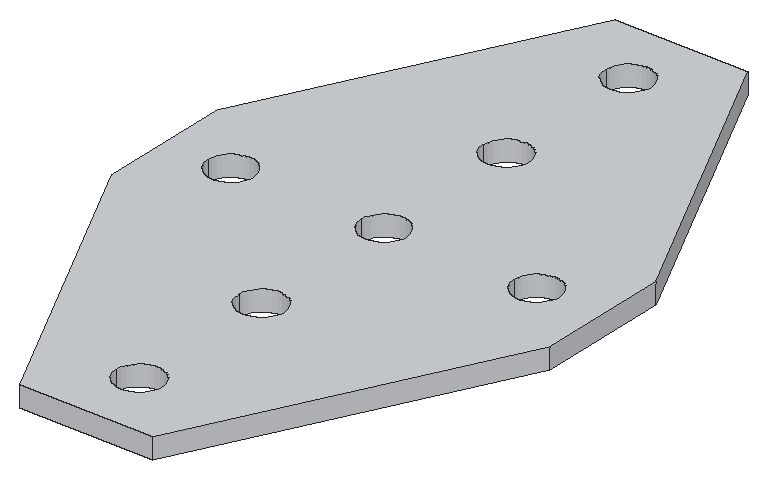
Revit family "Fitting-Flat_Plate-Unistrut-P1950", category Specialty Equipment, Revit 2012
Parameters (values of type "P1950")
  ecoScorecard_data = "http://products.ecoscorecard.com/atkore/P1950"
  ecoScorecard Product Page = "http://products.ecoscorecard.com/atkore/P1950?action=html"
  Weight Per Piece = 2.40 lbf
  Unit = none
  Unistrut Part Number = "P1950"  # constant formula
  URL = "http://unistrut.us/index.php"
  Thickness = 0' - 0 1/4"  # constant formula
  Subcategory = "Flat Plate Fittings"  # constant formula
  Product Page URL = "http://unistrut.us/index.php?WP=cat_detail&S=S05&P=P1950"
  Power Strut Part Number = "PS 2112"  # constant formula
  Part Type = "Fitting"  # constant formula
  Overall Width = 0' - 5 3/8"  # constant formula
  Overall Length = 0' - 9 1/8"  # constant formula
  Model = "P1950"  # constant formula
  Material = ""
  Manufacturer Phone - Toll Free = "800-882-5543"  # constant formula
  Manufacturer Phone = "708-339-1610"  # constant formula
  Manufacturer Fax = "708-339-7814"  # constant formula
  Manufacturer Email = "mailto:jshaw@atkore.com"
  Manufacturer Address = "16100 South Lathrop Avenue, Harvey, IL 60426"  # constant formula
  Manufacturer = "Unistrut by Atkore International"  # constant formula
  Load Capacity Note = "Visit the product page for load application and capacity."  # constant formula
  Literature URL = "http://unistrut.us/index.php?WP=LItLibrary"
  Hole Diameter = 0' - 0 9/16"
  Cost Info = "mailto:jshaw@atkore.com"
  CAD URL = "http://unistrut.us/index.php?WP=CAD3d"
  Assembly Code = "D5020100"
  95 CSI = "16070"  # constant formula
  04 CSI = "26 05 48"  # constant formula
Reference planes (in)
  plane 1 "Center (Front/Back)": y = 0
  plane 2: z = 0
  plane 3 "Center (Left/Right)": x = 0
  plane 4: y = 4.5625
  plane 5: y = -4.5625
  plane 6: x = -2.6875
  plane 7: x = 2.6875
  plane 8: z = 0.25
  plane 9: y = 3.75
  plane 10: y = 1.875
  plane 11: y = -1.875
  plane 12: y = -3.75
  plane 13: x = -1.875
  plane 14: x = 1.875
Dimensions and locks (in)
  equal spacing: plane 6, plane 3 "Center (Left/Right)", plane 7
  "Overall Width": plane 6 to plane 7
  equal spacing: plane 4, plane 1 "Center (Front/Back)", plane 5
  "Overall Length": plane 4 to plane 5
  "Thickness": plane 8 to plane 2
  aligned and locked: level to plane 2
  aligned and locked: plane 3 "Center (Left/Right)" to nested 1
  aligned and locked: plane 1 "Center (Front/Back)" to nested 1
Nested families (in)
  nested 1: "1950" at (0, 0, 0), type "1950"
Definition of nested family "1950"
  Parameters (values of type "P1950")
    Width = 0' - 9 1/8"
    Unit = none
    Thickness = 0' - 0 1/4"
    Radiuis = Diameter / 2  # 0' - 0 9/32"
    Length = 0' - 5 3/8"
    Diameter = 0' - 0 9/16"
  Reference planes (in)
    plane 1 "Center (Front/Back)": y = 0
    plane 2: z = 0
    plane 3 "Center (Left/Right)": x = 0
    plane 4: y = 4.5625
    plane 5: y = -4.5625
    plane 6: x = -2.6875
    plane 7: x = 2.6875
    plane 8: z = 0.25
    plane 9: through (2.6875, 0.8125, 48) normal (-0.8944, -0.4472, 0)
    plane 10: through (-0.8125, 4.5625, 48) normal (0.8944, -0.4472, 0)
    plane 11: through (-2.6875, -0.8125, 48) normal (0.8944, 0.4472, 0)
    plane 12: through (0.8125, -4.5625, 48) normal (-0.8944, 0.4472, 0)
  Forms (in)
    Extrusion 1, solid, material <- "Unit"
      sketch origin (0, 0, 0) x (1, 0, 0) y (0, 1, 0)
        loop
          line (2.6875, 0.8125) -> (0.8125, 4.5625) -> (-0.8125, 4.5625) -> (-2.6875, 0.8125) -> (-2.6875, -0.8125) -> (-0.8125, -4.5625) -> (0.8125, -4.5625) -> (2.6875, -0.8125) -> (2.6875, 0.8125)
        loop
          circle (0, 0) r 0.28125
        loop
          circle (1.875, 0) r 0.28125
        loop
          circle (-1.875, 0) r 0.28125
        loop
          circle (0, 1.875) r 0.28125
        loop
          circle (0, 3.75) r 0.28125
        loop
          circle (0, -1.875) r 0.28125
        loop
          circle (0, -3.75) r 0.28125
      from 0 to 0.25
  Dimensions and locks (in)
    equal spacing: plane 6, plane 3 "Center (Left/Right)", plane 7
    "Length": plane 6 to plane 7
    equal spacing: plane 4, plane 1 "Center (Front/Back)", plane 5
    "Width": plane 4 to plane 5
    "Thickness": plane 8 to plane 2
    locked: Extrusion 1 sketch curve to plane 7 at 0.8125
    locked: plane 6 to Extrusion 1 sketch curve at 0.8125
    "Radiuis": radius of Extrusion 1 sketch curve  (x7)
    aligned and locked: level to plane 2
    aligned and locked: plane 7 to Extrusion 1 sketch curve
    aligned and locked: Extrusion 1 sketch curve to plane 9
    aligned and locked: Extrusion 1 sketch curve to plane 4
    aligned and locked: Extrusion 1 sketch curve to plane 10
    aligned and locked: Extrusion 1 sketch curve to plane 6
    aligned and locked: Extrusion 1 sketch curve to plane 11
    aligned and locked: plane 5 to Extrusion 1 sketch curve
    aligned and locked: Extrusion 1 sketch curve to plane 12
    aligned and locked: plane 3 "Center (Left/Right)" to Extrusion 1 sketch curve  (x5)
    aligned and locked: plane 1 "Center (Front/Back)" to Extrusion 1 sketch curve  (x3)
    aligned and locked: Extrusion 1 to plane 2
    aligned and locked: plane 8 to Extrusion 1
  Automatic sketch dimensions
    Extrusion 1 sketch curve to plane 5 = 0' - 0 13/16"
    Extrusion 1 sketch curve to Extrusion 1 sketch curve = 0' - 1 7/8"
    Extrusion 1 sketch curve to plane 1 "Center (Front/Back)" = 0' - 1 7/8"
    Extrusion 1 sketch curve to plane 4 = 0' - 0 13/16"
